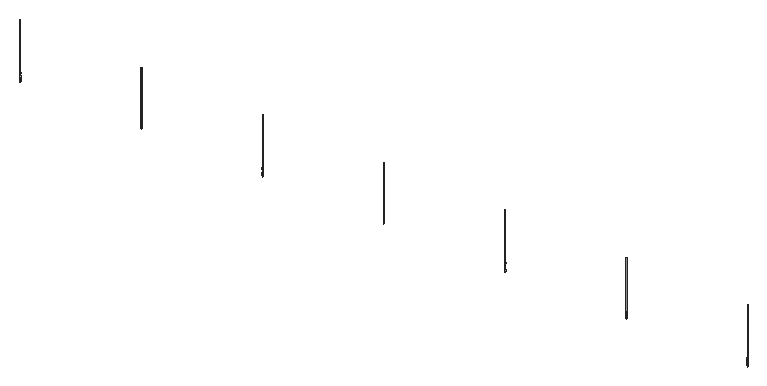
Revit family "Wire-Array-HunterDouglas-Hook-On", category Specialty Equipment, Revit 2013
Parameters (values of type "Parametric")
  ecoScorecard_data = "http://products.ecoscorecard.com/hunterdouglascontract/PTHO"
  ecoScorecard Product Page = "http://hunterdouglascontract.ecoscorecard.com/product/PTHO?base_search=product_category_A1035"
  Wire Visibility [instance] = yes
  Wire = Metal - Aluminum Frame - HunterDouglas - Painted White
  URL = "http://www.hunterdouglascontract.com/ceilings/index.jsp"
  Subcategory = "Metal - Plank and Tile"  # constant formula
  Spacing = 4' - 0"  # constant formula
  Product Line = "Hook-On"  # constant formula
  Perforations = "http://www.hunterdouglascontract.com/ceilings/metalsystems/plank/hookon/index.jsp?t=perfPage"
  Model = "Hook-On Wire Array"  # constant formula
  Manufacturer = "Hunter Douglas Luxalon Metal Ceilings"  # constant formula
  Length [instance] = (# of Wires - 1) * Spacing  # 24' - 0"
  Hanger Wire Length [instance] = 2' - 0"
  Description = "Wire Array"  # constant formula
  Default Elevation = 0' - 0"
  Color Finishes = "http://www.hunterdouglascontract.com/ceilings/metalsystems/plank/hookon/index.jsp?t=colorPage"
  Assembly Code = "C3030200"
  95 CSI = "09510"  # constant formula
  04 CSI = "09 51 00"  # constant formula
  # of Wires [instance] = 7
Reference planes
  plane 1 "Center (Front/Back)": y = 0
  plane 2: z = 0
  plane 3 "Center (Left/Right)": x = 0
  plane 4 "Left Edge": x = -3657.6
  plane 5: x = 3657.6
  plane 6: x = -2438.4
  plane 7 "Ceiling Edge": z = 609.6
  plane 8 "Hanger Bottom": z = 95.25
Dimensions and locks
  equal spacing: plane 4 "Left Edge", plane 3 "Center (Left/Right)", plane 5
  "Length": plane 4 "Left Edge" to plane 5
  "Spacing": plane 4 "Left Edge" to plane 6
  "Hanger Wire Length": plane 7 "Ceiling Edge" to level
  locked: plane 8 "Hanger Bottom" to level at 95.25
  equal spacing: group 1, group 3, group 4, group 5, group 6, group 7, group 2  (x3)
  aligned and locked: level to plane 2
  aligned and locked: plane 4 "Left Edge" to nested 1
  aligned and locked: plane 1 "Center (Front/Back)" to nested 1
  aligned and locked: nested 2 to plane 5
  aligned and locked: nested 2 to plane 1 "Center (Front/Back)"
  aligned and locked: nested 1 to plane 8 "Hanger Bottom"
  aligned and locked: plane 8 "Hanger Bottom" to nested 2
Nested families
  nested 1: "Wire" at (-3657.6, 0, 31.75) x (0, 1, 0) z (0, 0, 1), visible <- "Wire Visibility", type "Wire"
  nested 2: "Wire" at (3657.6, 0, 31.75) x (0, 1, 0) z (0, 0, 1), visible <- "Wire Visibility", type "Wire"
  nested 3: "Wire" at (-2438.4, 0, 31.75) x (0, 1, 0) z (0, 0, 1), visible <- "Wire Visibility", type "Wire"
  nested 4: "Wire" at (-1219.2, 0, 31.75) x (0, 1, 0) z (0, 0, 1), visible <- "Wire Visibility", type "Wire"
  nested 5: "Wire" at (0, 0, 31.75) x (0, 1, 0) z (0, 0, 1), visible <- "Wire Visibility", type "Wire"
  nested 6: "Wire" at (1219.2, 0, 31.75) x (0, 1, 0) z (0, 0, 1), visible <- "Wire Visibility", type "Wire"
  nested 7: "Wire" at (2438.4, 0, 31.75) x (0, 1, 0) z (0, 0, 1), visible <- "Wire Visibility", type "Wire"
Definition of nested family "Wire"
  Parameters (values of type "Wire")
    Material = Metal - Aluminum Frame - HunterDouglas - Painted White
    HangerWire Length = 2' - 0"
  Reference planes
    plane 1 "Center (Front/Back)": y = 0
    plane 2: z = 0
    plane 3 "Center (Left/Right)": x = 0
    plane 4: x = -19.621
    plane 5: x = 19.621
    plane 6: z = 63.5
    plane 7: z = 65.088
    plane 8: z = 609.6
  Forms (mm)
    Sweep 1, solid, material "Metal - Aluminum Frame - HunterDouglas - Painted White" <- "Material", detail levels fine
      path origin (0, 0, 0) x (0.707107, 0.707107, 0) y (0, 0, 1)
        loop
          line (0.794, 609.6) -> (0.794, 127.519) -> (9.712, 113.128)
          arc (9.712, 113.128) -> (11.287, 109.95) -> (12.234, 106.532) r 18.739
          line (12.234, 106.532) -> (13.655, 66.776)
          arc (13.655, 66.776) -> (13.046, 64.497) -> (10.909, 63.5) r 2.789
          line (10.909, 63.5) -> (-10.916, 63.5)
          arc (-10.916, 63.5) -> (-13.049, 64.495) -> (-13.656, 66.769) r 2.783
          line (-13.656, 66.769) -> (-12.254, 106.417)
          arc (-12.254, 106.417) -> (-11.276, 109.946) -> (-9.651, 113.227) r 19.345
          line (-9.651, 113.227) -> (-0.975, 127.226)
      profile origin (-0.002, -0.002, 63.5) x (0, 0, -1) y (0.707107, -0.707107, 0)
        loop
          circle (-0.794, 0) r 0.794
    Revolve 2, solid, material "Metal - Aluminum Frame - HunterDouglas - Painted White" <- "Material", detail levels fine
      sketch origin (0.179, -28.076, 36.168) x (0, 0.947216, -0.320596) y (0, 0.320596, 0.947216)
        loop
          line (-5.57, 105.383) -> (-7.367, 105.383)
          arc (-7.367, 105.383) -> (-8.16, 104.589) -> (-7.367, 103.796) r 0.794
          line (-7.367, 103.796) -> (-5.57, 103.796) -> (-5.57, 105.383)
        axis (-5.57, 103.796) -> (-5.57, 105.383)
      angle from 0 to 360
    Revolve 3, solid, material "Metal - Aluminum Frame - HunterDouglas - Painted White" <- "Material", detail levels fine
      sketch origin (0.179, -28.076, 32.816) x (0, 0.947216, -0.320596) y (0, 0.320596, 0.947216)
        loop
          line (-5.57, 105.383) -> (-7.367, 105.383)
          arc (-7.367, 105.383) -> (-8.16, 104.589) -> (-7.367, 103.796) r 0.794
          line (-7.367, 103.796) -> (-5.57, 103.796) -> (-5.57, 105.383)
        axis (-5.57, 103.796) -> (-5.57, 105.383)
      angle from 0 to 360
    Revolve 4, solid, material "Metal - Aluminum Frame - HunterDouglas - Painted White" <- "Material", detail levels fine
      sketch origin (0.179, -28.076, 34.523) x (0, 0.947216, -0.320596) y (0, 0.320596, 0.947216)
        loop
          line (-5.57, 105.383) -> (-7.367, 105.383)
          arc (-7.367, 105.383) -> (-8.16, 104.589) -> (-7.367, 103.796) r 0.794
          line (-7.367, 103.796) -> (-5.57, 103.796) -> (-5.57, 105.383)
        axis (-5.57, 103.796) -> (-5.57, 105.383)
      angle from 0 to 360
    Revolve 5, solid, material "Metal - Aluminum Frame - HunterDouglas - Painted White" <- "Material", detail levels fine
      sketch origin (0.179, -28.076, 31.151) x (0, 0.947216, -0.320596) y (0, 0.320596, 0.947216)
        loop
          line (-5.57, 105.383) -> (-7.367, 105.383)
          arc (-7.367, 105.383) -> (-8.16, 104.589) -> (-7.367, 103.796) r 0.794
          line (-7.367, 103.796) -> (-5.57, 103.796) -> (-5.57, 105.383)
        axis (-5.57, 103.796) -> (-5.57, 105.383)
      angle from 0 to 360
    Revolve 6, solid, material "Metal - Aluminum Frame - HunterDouglas - Painted White" <- "Material", detail levels fine
      sketch origin (0.179, -28.076, 29.486) x (0, 0.947216, -0.320596) y (0, 0.320596, 0.947216)
        loop
          line (-5.57, 105.383) -> (-7.367, 105.383)
          arc (-7.367, 105.383) -> (-8.16, 104.589) -> (-7.367, 103.796) r 0.794
          line (-7.367, 103.796) -> (-5.57, 103.796) -> (-5.57, 105.383)
        axis (-5.57, 103.796) -> (-5.57, 105.383)
      angle from 0 to 360
    Revolve 7, solid, material "Metal - Aluminum Frame - HunterDouglas - Painted White" <- "Material", detail levels fine
      sketch origin (0.179, -28.076, 27.722) x (0, 0.947216, -0.320596) y (0, 0.320596, 0.947216)
        loop
          line (-5.57, 105.383) -> (-7.367, 105.383)
          arc (-7.367, 105.383) -> (-8.16, 104.589) -> (-7.367, 103.796) r 0.794
          line (-7.367, 103.796) -> (-5.57, 103.796) -> (-5.57, 105.383)
        axis (-5.57, 103.796) -> (-5.57, 105.383)
      angle from 0 to 360
  Lines and regions (mm)
    model lines, style "Wire", detail levels coarse+medium
      curve 1: line (0, 0, 604.044) -> (0, 0, 65.088)
    symbolic lines, style "Wire", detail levels fine
      curve 2: line (-9.704, -8.581, 0) -> (-2.104, -0.981, 0)
      curve 3: line (9.704, 8.581, 0) -> (2.455, 1.332, 0)
      curve 4: arc (8.581, 9.704, 0) -> (9.704, 9.704, 0) -> (9.704, 8.581, 0) r 0.794
      curve 5: arc (-9.704, -8.581, 0) -> (-9.704, -9.704, 0) -> (-8.581, -9.704, 0) r 0.794
      curve 6: circle (0.175, 0.175, 0) r 2.556 normal (0, 0, 1)
      curve 7: circle (0, 0, 0) r 0.794 normal (0, 0, 1)
      curve 8: line (1.332, 2.454, 0) -> (8.581, 9.704, 0)
      curve 9: line (-0.981, -2.104, 0) -> (-8.581, -9.704, 0)
      curve 14: line (-0.793, 0, 609.6) -> (0.793, 0, 609.6)
      curve 15: line (0.793, 0, 609.6) -> (0.793, 0, 138.405)
      curve 16: line (-10.107, 0, 66.887) -> (-8.613, 0, 106.23)
      curve 17: arc (-10.107, 0, 66.887) -> (-9.618, 0, 64.679) -> (-7.69, 0, 63.5) r 2.889
      curve 18: line (-8.546, 0, 66.596) -> (-7.026, 0, 106.178)
      curve 19: arc (-8.546, 0, 66.596) -> (-8.326, 0, 65.602) -> (-7.457, 0, 65.07) r 1.301
      curve 20: line (0.793, 0, 609.6) -> (-0.793, 0, 609.6)
      curve 21: line (-0.793, 0, 609.6) -> (-0.793, 0, 138.344)
      curve 22: line (-7.457, 0, 65.07) -> (0, 0, 65.07)
      curve 23: line (0, 0, 63.5) -> (-7.69, 0, 63.5)
      curve 24: line (10.107, 0, 66.887) -> (8.613, 0, 106.23)
      curve 25: arc (10.107, 0, 66.887) -> (9.618, 0, 64.679) -> (7.69, 0, 63.5) r 2.889
      curve 26: line (8.546, 0, 66.596) -> (7.026, 0, 106.178)
      curve 27: arc (8.546, 0, 66.596) -> (8.326, 0, 65.602) -> (7.457, 0, 65.07) r 1.301
      curve 28: line (7.457, 0, 65.07) -> (0, 0, 65.07)
      curve 29: line (0, 0, 63.5) -> (7.69, 0, 63.5)
      curve 30: line (0, 0.793, 95.274) -> (0, 6.87, 81.865)
      curve 31: line (0, 10.107, 66.887) -> (0, 8.581, 75.081)
      curve 32: arc (0, 8.581, 75.081) -> (0, 8.029, 78.55) -> (0, 6.87, 81.865) r 19.701
      curve 33: arc (0, 10.107, 66.887) -> (0, 9.618, 64.679) -> (0, 7.69, 63.5) r 2.889
      curve 34: line (0, -0.225, 93.674) -> (0, 5.424, 81.209)
      curve 35: arc (0, 7.003, 74.883) -> (0, 6.501, 78.118) -> (0, 5.424, 81.209) r 18.113
      curve 36: line (0, 8.546, 66.596) -> (0, 7.003, 74.883)
      curve 37: arc (0, 8.546, 66.596) -> (0, 8.326, 65.602) -> (0, 7.457, 65.07) r 1.301
      curve 38: line (0, 7.457, 65.07) -> (0, 0, 65.07)
      curve 39: line (0, 0, 63.5) -> (0, 7.69, 63.5)
      curve 40: line (0, -0.793, 95.274) -> (0, -6.87, 81.865)
      curve 41: line (0, -10.107, 66.887) -> (0, -8.581, 75.081)
      curve 42: arc (0, -8.581, 75.081) -> (0, -8.029, 78.55) -> (0, -6.87, 81.865) r 19.701
      curve 43: arc (0, -10.107, 66.887) -> (0, -9.618, 64.679) -> (0, -7.69, 63.5) r 2.889
      curve 44: line (0, 0.225, 93.674) -> (0, -5.424, 81.209)
      curve 45: arc (0, -7.003, 74.883) -> (0, -6.501, 78.118) -> (0, -5.424, 81.209) r 18.113
      curve 46: line (0, -8.546, 66.596) -> (0, -7.003, 74.883)
      curve 47: arc (0, -8.546, 66.596) -> (0, -8.326, 65.602) -> (0, -7.457, 65.07) r 1.301
      curve 48: line (0, -7.457, 65.07) -> (0, 0, 65.07)
      curve 49: line (0, 0, 63.5) -> (0, -7.69, 63.5)
      curve 50: line (0, -0.793, 96.393) -> (0, -0.793, 95.274)
      curve 51: line (0, -1.19, 106.616) -> (0, 2.232, 105.438)
      curve 52: line (0, -1.914, 105.183) -> (0, 1.714, 103.934)
      curve 53: arc (0, 2.232, 105.438) -> (0, 2.725, 104.427) -> (0, 1.714, 103.934) r 0.795
      curve 54: arc (0, -1.19, 106.616) -> (0, -2.176, 106.216) -> (0, -1.914, 105.183) r 0.81
      curve 55: arc (0, 2.232, 103.756) -> (0, 2.739, 102.79) -> (0, 1.806, 102.226) r 0.795
      curve 56: arc (0, -1.19, 104.934) -> (0, -2.172, 104.543) -> (0, -1.931, 103.513) r 0.81
      curve 57: line (0, -1.931, 103.513) -> (0, 1.806, 102.226)
      curve 58: arc (0, 2.232, 102.074) -> (0, 2.739, 101.108) -> (0, 1.806, 100.544) r 0.795
      curve 59: arc (0, -1.19, 103.252) -> (0, -2.172, 102.861) -> (0, -1.931, 101.831) r 0.81
      curve 60: line (0, -1.931, 101.831) -> (0, 1.806, 100.544)
      curve 61: arc (0, 2.232, 100.392) -> (0, 2.739, 99.426) -> (0, 1.806, 98.862) r 0.795
      curve 62: arc (0, -1.19, 101.57) -> (0, -2.172, 101.179) -> (0, -1.931, 100.149) r 0.81
      curve 63: line (0, -1.931, 100.149) -> (0, 1.806, 98.862)
      curve 64: arc (0, 2.232, 98.71) -> (0, 2.739, 97.744) -> (0, 1.806, 97.181) r 0.795
      curve 65: arc (0, -1.19, 99.888) -> (0, -2.172, 99.497) -> (0, -1.931, 98.467) r 0.81
      curve 66: line (0, -1.931, 98.467) -> (0, 1.806, 97.181)
      curve 67: arc (0, 2.232, 97.028) -> (0, 2.739, 96.062) -> (0, 1.806, 95.499) r 0.795
      curve 68: arc (0, -1.19, 98.206) -> (0, -2.172, 97.815) -> (0, -1.931, 96.785) r 0.81
      curve 69: line (0, -1.931, 96.785) -> (0, 1.806, 95.499)
      curve 70: line (0, -0.793, 96.393) -> (0, -0.793, 95.274)
      curve 71: spline (0, 0.793, 95.317) -> (0, 0.748, 95.33) -> (0, 0.659, 95.356) -> (0, 0.531, 95.392) -> (0, 0.372, 95.438) -> (0, 0.192, 95.489) -> (0, 0, 95.544) -> (0, -0.192, 95.598) -> (0, -0.372, 95.65) -> (0, -0.531, 95.695) -> (0, -0.659, 95.731) -> (0, -0.748, 95.756) -> (0, -0.793, 95.769)
      curve 72: line (0, 0.793, 95.847) -> (0, 0.793, 95.274)
      curve 73: line (-0.762, 0, 127.093) -> (-6.87, 0, 113.615)
      curve 74: arc (-8.613, 0, 106.23) -> (-8.1, 0, 110.007) -> (-6.87, 0, 113.615) r 19.701
      curve 75: line (0.225, 0, 125.424) -> (-0.762, 0, 127.093)
      curve 76: spline (-0.798, 0, 127.066) -> (-0.771, 0, 127.074) -> (-0.692, 0, 127.097) -> (-0.566, 0, 127.133) -> (-0.401, 0, 127.18) -> (-0.209, 0, 127.235) -> (-0.003, 0, 127.294) -> (0.203, 0, 127.352) -> (0.395, 0, 127.407) -> (0.56, 0, 127.454) -> (0.686, 0, 127.49) -> (0.766, 0, 127.512) -> (0.793, 0, 127.519)
      curve 77: line (0.225, 0, 125.424) -> (-5.424, 0, 112.959)
      curve 78: arc (-7.026, 0, 106.178) -> (-6.554, 0, 109.646) -> (-5.424, 0, 112.959) r 18.113
      curve 79: line (-0.793, 0, 128.142) -> (-0.793, 0, 127.024)
      curve 80: line (0.793, 0, 127.024) -> (6.87, 0, 113.615)
      curve 81: arc (8.613, 0, 106.23) -> (8.1, 0, 110.007) -> (6.87, 0, 113.615) r 19.701
      curve 82: spline (0.798, 0, 127.066) -> (0.771, 0, 127.074) -> (0.692, 0, 127.097) -> (0.566, 0, 127.133) -> (0.401, 0, 127.18) -> (0.209, 0, 127.235) -> (0.003, 0, 127.294) -> (-0.203, 0, 127.352) -> (-0.395, 0, 127.407) -> (-0.56, 0, 127.454) -> (-0.686, 0, 127.49) -> (-0.766, 0, 127.512) -> (-0.793, 0, 127.519)
      curve 83: arc (7.026, 0, 106.178) -> (6.554, 0, 109.646) -> (5.424, 0, 112.959) r 18.113
      curve 84: line (0.793, 0, 128.142) -> (0.793, 0, 127.024)
      curve 111: line (-0.225, 0, 125.424) -> (5.424, 0, 112.959)
    symbolic lines, style "Wire"
      curve 10: line (0, 0.794, 609.6) -> (0, -0.794, 609.6)
      curve 11: line (0, -0.794, 609.6) -> (0, -0.794, 104.499)
      curve 12: arc (0, 0.794, 104.499) -> (0, 0, 104.258) -> (0, -0.794, 104.499) r 1.428
      curve 13: line (0, 0.794, 104.499) -> (0, 0.794, 609.6)
      curve 85: arc (-1.981, 0, 129.446) -> (-2.408, 0, 130.328) -> (-1.895, 0, 131.162) r 1.019
      curve 86: arc (-1.895, 0, 131.162) -> (-0.896, 0, 131.562) -> (0.174, 0, 131.678) r 3.954
      curve 87: arc (2.33, 0, 129.446) -> (2.757, 0, 130.328) -> (2.243, 0, 131.162) r 1.019
      curve 88: arc (2.243, 0, 131.162) -> (1.244, 0, 131.562) -> (0.174, 0, 131.678) r 3.954
      curve 89: arc (-1.901, 0, 131.158) -> (-2.41, 0, 132.044) -> (-1.895, 0, 132.926) r 1.019
      curve 90: arc (-1.895, 0, 132.926) -> (-0.896, 0, 133.326) -> (0.174, 0, 133.442) r 3.954
      curve 91: arc (2.249, 0, 131.158) -> (2.758, 0, 132.044) -> (2.243, 0, 132.926) r 1.019
      curve 92: arc (2.243, 0, 132.926) -> (1.244, 0, 133.326) -> (0.174, 0, 133.442) r 3.954
      curve 93: arc (-1.978, 0, 132.873) -> (-2.408, 0, 133.755) -> (-1.895, 0, 134.591) r 1.019
      curve 94: arc (-1.895, 0, 134.591) -> (-0.896, 0, 134.991) -> (0.174, 0, 135.107) r 3.954
      curve 95: arc (2.327, 0, 132.873) -> (2.757, 0, 133.755) -> (2.243, 0, 134.591) r 1.019
      curve 96: arc (2.243, 0, 134.591) -> (1.244, 0, 134.991) -> (0.174, 0, 135.107) r 3.954
      curve 97: arc (-1.978, 0, 134.538) -> (-2.408, 0, 135.42) -> (-1.895, 0, 136.256) r 1.019
      curve 98: arc (-1.895, 0, 136.256) -> (-0.896, 0, 136.656) -> (0.174, 0, 136.771) r 3.954
      curve 99: arc (2.327, 0, 134.538) -> (2.757, 0, 135.42) -> (2.243, 0, 136.256) r 1.019
      curve 100: arc (2.243, 0, 136.256) -> (1.244, 0, 136.656) -> (0.174, 0, 136.771) r 3.954
      curve 101: arc (-1.978, 0, 136.202) -> (-2.408, 0, 137.084) -> (-1.895, 0, 137.92) r 1.019
      curve 102: arc (-1.895, 0, 137.92) -> (-0.896, 0, 138.32) -> (0.174, 0, 138.436) r 3.954
      curve 103: arc (2.327, 0, 136.202) -> (2.757, 0, 137.084) -> (2.243, 0, 137.92) r 1.019
      curve 104: arc (2.243, 0, 137.92) -> (1.244, 0, 138.32) -> (0.174, 0, 138.436) r 3.954
      curve 105: arc (-1.978, 0, 127.779) -> (-2.408, 0, 128.661) -> (-1.895, 0, 129.497) r 1.019
      curve 106: arc (-1.981, 0, 129.446) -> (-0.944, 0, 129.885) -> (0.174, 0, 130.013) r 3.954
      curve 107: arc (2.327, 0, 127.779) -> (2.757, 0, 128.661) -> (2.243, 0, 129.497) r 1.019
      curve 108: arc (2.33, 0, 129.446) -> (1.293, 0, 129.885) -> (0.174, 0, 130.013) r 3.954
      curve 109: arc (-1.978, 0, 127.779) -> (-1.332, 0, 127.44) -> (-0.62, 0, 127.285) r 2.723
      curve 110: arc (2.327, 0, 127.779) -> (1.681, 0, 127.44) -> (0.968, 0, 127.285) r 2.723
  Dimensions and locks
    equal spacing: plane 4, plane 3 "Center (Left/Right)", plane 5
    plane 4 to plane 5 = 0' - 1.54495"
    locked: plane 6 to plane 7 at 1.588
    plane 6 to level = 0' - 2 1/2"
    "HangerWire Length": plane 8 to level
    aligned and locked: level to plane 2
    aligned and locked: Sweep 1 sketch curve to plane 6
    aligned and locked: curve 1 to plane 3 "Center (Left/Right)"
    aligned and locked: plane 7 to curve 1
    aligned and locked: plane 8 to curve 20
    aligned and locked: plane 8 to Sweep 1 sketch curve
    aligned and locked: curve 10 to plane 8
  Automatic sketch dimensions
    curve 12 to plane 1 "Center (Front/Back)" = 0' - 0"
    plane 1 "Center (Front/Back)" to curve 12 = 0' - 0 1/32"
    curve 12 to plane 1 "Center (Front/Back)" = 0' - 0 1/32"
    plane 7 to curve 12 = 0' - 1.59837"
    curve 12 to curve 12 = 0' - 0.04672"
    plane 1 "Center (Front/Back)" to curve 7 = 0' - 0"
    curve 7 to plane 3 "Center (Left/Right)" = 0' - 0"
    curve 9 to plane 3 "Center (Left/Right)" = 0' - 0.03862"
    plane 1 "Center (Front/Back)" to curve 2 = 0' - 0.03863"
    curve 2 to curve 9 = 0' - 0.0442"
    curve 5 to plane 3 "Center (Left/Right)" = 0' - 0.33784"
    curve 5 to curve 9 = 0' - 0.0221"
    curve 5 to curve 5 = 0' - 0.0221"
    plane 3 "Center (Left/Right)" to curve 6 = 0' - 0.00691"
    plane 3 "Center (Left/Right)" to curve 8 = 0' - 0.05244"
    curve 8 to curve 3 = 0' - 0.0442"
    plane 3 "Center (Left/Right)" to curve 4 = 0' - 0.33784"
    curve 4 to curve 4 = 0' - 0.0221"
    curve 4 to curve 3 = 0' - 0.0221"
    curve 9 to curve 2 = 0' - 0.0442"
    plane 1 "Center (Front/Back)" to curve 2 = 0' - 0.33784"
    curve 5 to curve 2 = 0' - 0.0221"
    curve 4 to plane 1 "Center (Front/Back)" = 0' - 0.33784"
    curve 3 to curve 4 = 0' - 0.0221"
    plane 7 to Sweep 1 sketch curve = 0' - 0.06622"
    plane 7 to Sweep 1 sketch curve = 0' - 1.62715"
    Sweep 1 sketch curve to Sweep 1 sketch curve = 0' - 0.05519"
    Sweep 1 sketch curve to Sweep 1 sketch curve = 0' - 0.10788"
    Sweep 1 sketch curve to Sweep 1 sketch curve = 0' - 0.10251"
    Sweep 1 sketch curve to Sweep 1 sketch curve = 0' - 0.2377"
    plane 7 to Sweep 1 sketch curve = 0' - 2.44638"
    Sweep 1 sketch curve to Sweep 1 sketch curve = 0' - 0.34154"
    plane 7 to Sweep 1 sketch curve = 0' - 2.45793"
    Sweep 1 sketch curve to Sweep 1 sketch curve = 0' - 0.06965"
    Sweep 1 sketch curve to Sweep 1 sketch curve = 0' - 0.51221"
    plane 7 to Sweep 1 sketch curve = 0' - 1.89135"
    Sweep 1 sketch curve to Sweep 1 sketch curve = 0' - 0.1149"
    Sweep 1 sketch curve to Sweep 1 sketch curve = 0' - 0.85925"
    plane 7 to Sweep 1 sketch curve = 0' - 1.63166"
    Sweep 1 sketch curve to Sweep 1 sketch curve = 0' - 0.21421"
    plane 7 to Sweep 1 sketch curve = 0' - 0.06649"
    Sweep 1 sketch curve to Sweep 1 sketch curve = 0' - 0.10811"
    Sweep 1 sketch curve to Sweep 1 sketch curve = 0' - 0.13761"
    Sweep 1 sketch curve to profile plane = 0' - 0"
    profile plane to Sweep 1 sketch curve = 0' - 0 1/32"
    curve 1 to plane 8 = 0' - 0 7/32"
    curve 32 to curve 35 = 0' - 0"  (x2)
    curve 33 to curve 37 = 0' - 0"  (x2)
    curve 42 to curve 45 = 0' - 0"  (x2)
    curve 43 to curve 47 = 0' - 0"  (x2)
    plane 6 to curve 33 = 0' - 0"
    curve 48 to plane 1 "Center (Front/Back)" = 0' - 0"
    curve 39 to plane 1 "Center (Front/Back)" = 0' - 0"
    curve 44 to plane 1 "Center (Front/Back)" = 0' - 0.00884"
    curve 72 to plane 1 "Center (Front/Back)" = 0' - 0.03122"
    curve 71 to curve 30 = 0' - 0"
    curve 71 to curve 71 = 0' - 0.00021"
    curve 52 to plane 1 "Center (Front/Back)" = 0' - 0.06749"
    curve 60 to plane 1 "Center (Front/Back)" = 0' - 0.0711"
    curve 55 to curve 58 = 0' - 0"
    curve 66 to curve 72 = 0' - 0.03988"
    curve 69 to curve 71 = 0' - 0.03967"
    curve 63 to curve 64 = 0' - 0"
    curve 61 to curve 61 = 0' - 0.00658"
    curve 55 to curve 57 = 0' - 0.00658"
    curve 64 to curve 64 = 0' - 0.00658"
    curve 67 to curve 69 = 0' - 0.00658"
    curve 58 to curve 58 = 0' - 0.00658"
    curve 53 to curve 52 = 0' - 0.01019"
    curve 67 to curve 64 = 0' - 0.01678"
    curve 64 to curve 63 = 0' - 0.01678"
    curve 51 to curve 53 = 0' - 0.01019"
    curve 58 to curve 57 = 0' - 0.01678"
    curve 55 to curve 52 = 0' - 0.02038"
    curve 61 to curve 58 = 0' - 0.01678"
    curve 35 to plane 1 "Center (Front/Back)" = 0' - 0.21356"
    curve 32 to curve 35 = 0' - 0.05693"
    curve 35 to curve 34 = 0' - 0.06215"
    plane 7 to curve 33 = 0' - 0.05001"
    curve 33 to plane 1 "Center (Front/Back)" = 0' - 0.2861"
    curve 37 to plane 7 = 0' - 0.00067"
    curve 37 to curve 33 = 0' - 0.0075"
    curve 39 to curve 38 = 0' - 0.00915"
    plane 7 to curve 36 = 0' - 0.05939"
    curve 31 to curve 35 = 0' - 0.06212"
    curve 33 to curve 36 = 0' - 0.06144"
    curve 42 to curve 32 = 0' - 0.09814"
    plane 1 "Center (Front/Back)" to curve 71 = 0' - 0"
    plane 1 "Center (Front/Back)" to curve 34 = 0' - 0.00884"
    plane 1 "Center (Front/Back)" to curve 70 = 0' - 0.03122"
    plane 1 "Center (Front/Back)" to curve 51 = 0' - 0.04684"
    plane 1 "Center (Front/Back)" to curve 56 = 0' - 0.04684"
    plane 1 "Center (Front/Back)" to curve 59 = 0' - 0.04684"
    plane 1 "Center (Front/Back)" to curve 68 = 0' - 0.04684"
    plane 1 "Center (Front/Back)" to curve 65 = 0' - 0.04684"
    plane 1 "Center (Front/Back)" to curve 62 = 0' - 0.04684"
    curve 59 to curve 59 = 0' - 0.01039"
    curve 54 to curve 54 = 0' - 0.01039"
    curve 68 to curve 68 = 0' - 0.01039"
    curve 56 to curve 56 = 0' - 0.01039"
    curve 65 to curve 65 = 0' - 0.01039"
    curve 62 to curve 62 = 0' - 0.01039"
    curve 56 to curve 54 = 0' - 0.02853"
    curve 62 to curve 60 = 0' - 0.02918"
    curve 59 to curve 56 = 0' - 0.02918"
    curve 68 to curve 68 = 0' - 0.01879"
    curve 65 to curve 62 = 0' - 0.02918"
    curve 68 to curve 66 = 0' - 0.02918"
    plane 1 "Center (Front/Back)" to curve 44 = 0' - 0.21356"
    curve 45 to curve 42 = 0' - 0.05693"
    curve 45 to curve 45 = 0' - 0.06215"
    plane 7 to curve 47 = 0' - 0.05001"
    plane 1 "Center (Front/Back)" to curve 47 = 0' - 0.2861"
    curve 43 to curve 47 = 0' - 0.0075"
    curve 47 to curve 49 = 0' - 0.00915"
    curve 43 to curve 47 = 0' - 0.05037"
    curve 45 to curve 42 = 0' - 0.06212"
    plane 7 to curve 41 = 0' - 0.07083"
    curve 41 to curve 32 = 0' - 0.09814"
    curve 41 to curve 32 = 0' - 0 69/256"
    curve 31 to curve 42 = 0' - 0 69/256"
    curve 32 to curve 46 = 0' - 0.04529"
    curve 42 to curve 36 = 0' - 0.04529"
    curve 45 to curve 41 = 0' - 0 1/128"
    curve 35 to curve 31 = 0' - 0 1/128"
    curve 44 to curve 34 = 0' - 0.49072"
    curve 44 to curve 34 = 0' - 0"
    curve 34 to curve 40 = 0' - 0.06301"
    curve 30 to curve 40 = 0' - 0"
    curve 30 to curve 71 = 0' - 0.00163"
    curve 71 to curve 71 = 0' - 0.00006"
    curve 71 to curve 67 = 0' - 0.00721"
    curve 71 to curve 72 = 0' - 0.02087"
    curve 69 to curve 67 = 0' - 0.03061"
    curve 67 to curve 66 = 0' - 0.00601"
    curve 68 to curve 68 = 0' - 0.02577"
    curve 64 to curve 64 = 0' - 0.03061"
    curve 68 to curve 66 = 0' - 0.01028"
    curve 64 to curve 61 = 0' - 0.00601"
    curve 65 to curve 65 = 0' - 0.02577"
    curve 61 to curve 61 = 0' - 0.03061"
    curve 65 to curve 62 = 0' - 0.01028"
    curve 61 to curve 60 = 0' - 0.00601"
    curve 62 to curve 62 = 0' - 0.02577"
    curve 58 to curve 58 = 0' - 0.03061"
    curve 62 to curve 59 = 0' - 0.01028"
    curve 58 to curve 55 = 0' - 0.00601"
    curve 60 to curve 59 = 0' - 0.02577"
    curve 57 to curve 55 = 0' - 0.03061"
    curve 59 to curve 56 = 0' - 0.01028"
    curve 55 to curve 53 = 0' - 0.00702"
    curve 57 to curve 56 = 0' - 0.02577"
    curve 53 to curve 53 = 0' - 0.0296"
    curve 52 to curve 54 = 0' - 0.02623"
    curve 106 to plane 3 "Center (Left/Right)" = 0' - 0.07801"
    curve 85 to curve 105 = 0' - 0.00013"
    curve 101 to plane 3 "Center (Left/Right)" = 0' - 0.07788"
    curve 93 to plane 3 "Center (Left/Right)" = 0' - 0.07788"
    curve 101 to curve 97 = 0' - 0"  (x2)
    curve 106 to curve 89 = 0' - 0.00318"
    curve 97 to curve 94 = 0' - 0.0033"
    curve 93 to curve 94 = 0' - 0"
    curve 101 to curve 97 = 0' - 0.0033"
    curve 98 to curve 97 = 0' - 0"
    curve 93 to curve 90 = 0' - 0.0033"
    curve 89 to curve 90 = 0' - 0"
    curve 106 to curve 105 = 0' - 0.00342"
    curve 89 to curve 86 = 0' - 0.00025"
    curve 85 to curve 86 = 0' - 0"
    curve 102 to curve 101 = 0' - 0"
    curve 109 to curve 105 = 0' - 0.02313"
    curve 105 to curve 85 = 0' - 0.01984"
    curve 86 to curve 89 = 0' - 0.01984"
    curve 89 to curve 93 = 0' - 0.01984"
    curve 93 to curve 97 = 0' - 0.01984"
    curve 97 to curve 101 = 0' - 0.01984"
    curve 109 to plane 3 "Center (Left/Right)" = 0' - 0.02439"
    curve 109 to plane 3 "Center (Left/Right)" = 0' - 0.01579"
    plane 3 "Center (Left/Right)" to curve 94 = 0' - 0.00241"
    plane 3 "Center (Left/Right)" to curve 98 = 0' - 0.00241"
    plane 3 "Center (Left/Right)" to curve 86 = 0' - 0.00241"
    plane 3 "Center (Left/Right)" to curve 106 = 0' - 0.00241"
    plane 3 "Center (Left/Right)" to curve 90 = 0' - 0.00241"
    plane 3 "Center (Left/Right)" to curve 102 = 0' - 0.00241"
    plane 3 "Center (Left/Right)" to curve 102 = 0' - 0.00686"
    plane 3 "Center (Left/Right)" to curve 100 = 0' - 0.00686"
    plane 3 "Center (Left/Right)" to curve 96 = 0' - 0.00686"
    plane 3 "Center (Left/Right)" to curve 106 = 0' - 0.00686"
    plane 3 "Center (Left/Right)" to curve 86 = 0' - 0.00686"
    plane 3 "Center (Left/Right)" to curve 92 = 0' - 0.00686"
    curve 98 to curve 100 = 0' - 0.00891"
    curve 106 to curve 108 = 0' - 0.00891"
    curve 86 to curve 88 = 0' - 0.00891"
    curve 102 to curve 104 = 0' - 0.00891"
    curve 90 to curve 92 = 0' - 0.00891"
    curve 94 to curve 96 = 0' - 0.00891"
    curve 106 to curve 110 = 0' - 0.02264"
    curve 88 to curve 110 = 0' - 0.0268"
    curve 100 to curve 103 = 0' - 0.06161"
    curve 90 to curve 95 = 0' - 0.06161"
    curve 110 to curve 87 = 0' - 0.03896"
    curve 110 to curve 107 = 0' - 0.03036"
    curve 96 to curve 99 = 0' - 0.06161"
    curve 86 to curve 91 = 0' - 0.06161"
    curve 87 to curve 107 = 0' - 0.01984"
    curve 95 to curve 92 = 0' - 0.01984"
    curve 99 to curve 96 = 0' - 0.01984"
    curve 103 to curve 99 = 0' - 0.01984"
    curve 91 to curve 92 = 0' - 0"
    curve 100 to curve 99 = 0' - 0"
    curve 91 to curve 88 = 0' - 0.01984"
    curve 95 to curve 96 = 0' - 0"
    curve 87 to curve 88 = 0' - 0"
    curve 103 to curve 103 = 0' - 0.01984"
    curve 104 to curve 103 = 0' - 0"
    curve 87 to curve 91 = 0' - 0.00025"
    curve 100 to curve 103 = 0' - 0.0033"
    curve 107 to curve 110 = 0' - 0.02313"
    curve 91 to curve 95 = 0' - 0.0033"
    curve 96 to curve 99 = 0' - 0.0033"
    curve 107 to curve 87 = 0' - 0.00342"
    curve 106 to curve 108 = 0' - 0"
    curve 106 to curve 109 = 0' - 0.04821"
    curve 108 to curve 110 = 0' - 0.04821"
    curve 109 to curve 86 = 0' - 0.01733"
    curve 110 to curve 110 = 0' - 0.01947"
    curve 109 to curve 105 = 0' - 0.01947"
    curve 107 to curve 107 = 0' - 0.03277"
    curve 105 to curve 105 = 0' - 0.03277"
    curve 85 to curve 105 = 0' - 0.00201"
    curve 92 to curve 106 = 0' - 0.02063"
    curve 90 to curve 92 = 0' - 0"
    curve 96 to curve 86 = 0' - 0.02063"
    curve 94 to curve 96 = 0' - 0"
    curve 89 to curve 85 = 0' - 0.00014"
    curve 100 to curve 92 = 0' - 0.02454"
    curve 98 to curve 100 = 0' - 0"
    curve 93 to curve 90 = 0' - 0.00209"
    curve 104 to curve 96 = 0' - 0.02454"
    curve 102 to curve 104 = 0' - 0"
    curve 97 to curve 94 = 0' - 0.00209"
    curve 103 to curve 100 = 0' - 0.00209"
    plane 1 "Center (Front/Back)" to Revolve 2 sketch curve = 0' - 0.06997"
    plane 7 to Revolve 2 sketch curve = 0' - 2.82516"
    Revolve 2 sketch curve to Revolve 2 sketch curve = 0' - 0.07074"
    Revolve 2 sketch curve to Revolve 2 sketch curve = 0' - 0"  (x2)
    Revolve 2 sketch curve to Revolve 2 sketch curve = 0' - 0 1/32"
    Revolve 2 sketch curve to Revolve 2 sketch curve = 0' - 0.02781"
    plane 1 "Center (Front/Back)" to Revolve 3 sketch curve = 0' - 0.06997"
    plane 7 to Revolve 3 sketch curve = 0' - 2.69319"
    Revolve 3 sketch curve to Revolve 3 sketch curve = 0' - 0.07074"
    Revolve 3 sketch curve to Revolve 3 sketch curve = 0' - 0"  (x2)
    Revolve 3 sketch curve to Revolve 3 sketch curve = 0' - 0 1/32"
    Revolve 3 sketch curve to Revolve 3 sketch curve = 0' - 0.02781"
    plane 1 "Center (Front/Back)" to Revolve 4 sketch curve = 0' - 0.06997"
    plane 7 to Revolve 4 sketch curve = 0' - 2.76039"
    Revolve 4 sketch curve to Revolve 4 sketch curve = 0' - 0.07074"
    Revolve 4 sketch curve to Revolve 4 sketch curve = 0' - 0"  (x2)
    Revolve 4 sketch curve to Revolve 4 sketch curve = 0' - 0 1/32"
    Revolve 4 sketch curve to Revolve 4 sketch curve = 0' - 0.02781"
    plane 1 "Center (Front/Back)" to Revolve 5 sketch curve = 0' - 0.06997"
    plane 7 to Revolve 5 sketch curve = 0' - 2.62765"
    Revolve 5 sketch curve to Revolve 5 sketch curve = 0' - 0.07074"
    Revolve 5 sketch curve to Revolve 5 sketch curve = 0' - 0"  (x2)
    Revolve 5 sketch curve to Revolve 5 sketch curve = 0' - 0 1/32"
    Revolve 5 sketch curve to Revolve 5 sketch curve = 0' - 0.02781"
    plane 1 "Center (Front/Back)" to Revolve 6 sketch curve = 0' - 0.06997"
    plane 7 to Revolve 6 sketch curve = 0' - 2.56211"
    Revolve 6 sketch curve to Revolve 6 sketch curve = 0' - 0.07074"
    Revolve 6 sketch curve to Revolve 6 sketch curve = 0' - 0"  (x2)
    Revolve 6 sketch curve to Revolve 6 sketch curve = 0' - 0 1/32"
    Revolve 6 sketch curve to Revolve 6 sketch curve = 0' - 0.02781"
    plane 1 "Center (Front/Back)" to Revolve 7 sketch curve = 0' - 0.06997"
    plane 7 to Revolve 7 sketch curve = 0' - 2.49266"
    Revolve 7 sketch curve to Revolve 7 sketch curve = 0' - 0.07074"
    Revolve 7 sketch curve to Revolve 7 sketch curve = 0' - 0"  (x2)
    Revolve 7 sketch curve to Revolve 7 sketch curve = 0' - 0 1/32"
    Revolve 7 sketch curve to Revolve 7 sketch curve = 0' - 0.02781"
    plane 7 to curve 106 = 0' - 2.4005"
    curve 17 to curve 19 = 0' - 0"  (x2)
    curve 25 to curve 27 = 0' - 0"  (x2)
    curve 74 to curve 78 = 0' - 0"  (x3)
    curve 81 to curve 83 = 0' - 0"  (x3)
    curve 23 to plane 6 = 0' - 0"
    curve 28 to plane 3 "Center (Left/Right)" = 0' - 0"
    curve 29 to plane 3 "Center (Left/Right)" = 0' - 0"
    curve 76 to plane 3 "Center (Left/Right)" = 0' - 0.00011"
    curve 111 to plane 3 "Center (Left/Right)" = 0' - 0.00884"
    curve 75 to plane 3 "Center (Left/Right)" = 0' - 0.02999"
    curve 14 to plane 3 "Center (Left/Right)" = 0' - 0.03122"
    curve 79 to curve 73 = 0' - 0.00123"
    curve 82 to curve 73 = 0' - 0.00123"
    curve 76 to curve 79 = 0' - 0.00021"
    curve 76 to curve 76 = 0' - 0"
    curve 77 to plane 3 "Center (Left/Right)" = 0' - 0.21356"
    curve 74 to curve 78 = 0' - 0.05693"
    curve 78 to curve 77 = 0' - 0.06306"
    plane 7 to curve 19 = 0' - 0.05001"
    curve 19 to plane 3 "Center (Left/Right)" = 0' - 0.2861"
    curve 22 to plane 7 = 0' - 0.00067"
    curve 22 to curve 17 = 0' - 0.0075"
    curve 17 to curve 19 = 0' - 0.00915"
    curve 19 to curve 17 = 0' - 0.05037"
    curve 74 to curve 18 = 0' - 0.06247"
    plane 7 to curve 16 = 0' - 0.07083"
    curve 81 to curve 16 = 0' - 0.09688"
    plane 3 "Center (Left/Right)" to curve 82 = 0' - 0.00011"
    plane 3 "Center (Left/Right)" to curve 77 = 0' - 0.00884"
    plane 3 "Center (Left/Right)" to curve 84 = 0' - 0.03122"
    plane 3 "Center (Left/Right)" to curve 15 = 0' - 0.03122"
    curve 76 to curve 80 = 0' - 0"
    curve 80 to curve 82 = 0' - 0.00021"
    curve 82 to curve 82 = 0' - 0"
    plane 3 "Center (Left/Right)" to curve 83 = 0' - 0.21356"
    curve 111 to curve 81 = 0' - 0.05693"
    curve 111 to curve 26 = 0' - 0.06306"
    plane 7 to curve 27 = 0' - 0.05001"
    plane 3 "Center (Left/Right)" to curve 27 = 0' - 0.2861"
    curve 25 to curve 27 = 0' - 0.0075"
    curve 28 to curve 29 = 0' - 0.00915"
    curve 25 to curve 27 = 0' - 0.05037"
    curve 26 to curve 24 = 0' - 0.06247"
    plane 7 to curve 24 = 0' - 0.07083"
    curve 24 to curve 74 = 0' - 0.09688"
    curve 81 to curve 18 = 0' - 0.02737"
    curve 74 to curve 83 = 0' - 0.02737"
    curve 18 to curve 74 = 0' - 0.00207"
    curve 26 to curve 24 = 0' - 0.00207"
    curve 83 to curve 75 = 0' - 0.49072"
    curve 111 to curve 75 = 0' - 0"
    curve 75 to curve 84 = 0' - 0.06301"
    curve 79 to curve 80 = 0' - 0"
    curve 79 to curve 76 = 0' - 0.00165"
    curve 80 to curve 82 = 0' - 0.00165"
    curve 73 to curve 82 = 0' - 0.01678"
    curve 82 to curve 76 = 0' - 0.01784"
    curve 76 to curve 84 = 0' - 0.02451"
    curve 82 to curve 79 = 0' - 0.02451"
    curve 79 to curve 21 = 0' - 0.40168"
    curve 21 to curve 15 = 0' - 0.0024"
    curve 24 to curve 74 = 0' - 1 133/256"
    curve 83 to curve 83 = 0' - 0.02737"
    radius of curve 7 = 0' - 0 1/32"
    radius of Sweep 1 sketch curve = 0' - 0 1/32"
